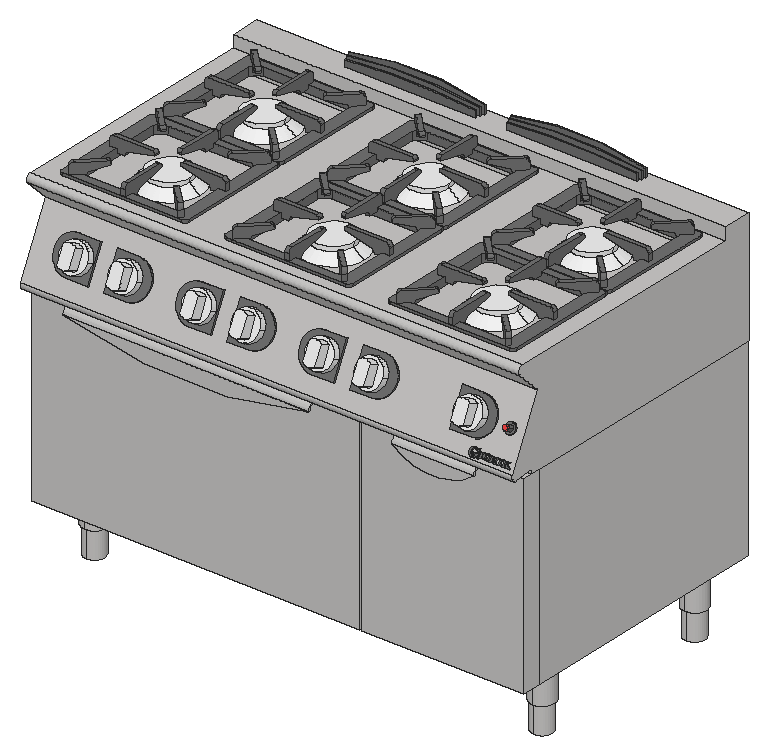
Revit family "QF_GIORIK_ECG760F", category Specialty Equipment, Revit 2014 (continued)
Lines and regions (mm)
  symbolic lines, style "200-EquipInternal-2D"
    curve 76: arc (77.771, -109.842, 900) -> (75.705, -114.736, 900) -> (75, -120, 900) r 20
    curve 77: line (195, -366, 900) -> (205, -366, 900)
    curve 78: line (205, -366, 900) -> (205, -256, 900)
    curve 79: line (205, -256, 900) -> (195, -256, 900)
    curve 80: line (195, -256, 900) -> (195, -366, 900)
    curve 81: line (276.43, -308.501, 900) -> (332.999, -365.07, 900)
    curve 82: line (332.999, -365.07, 900) -> (340.07, -357.999, 900)
    curve 83: line (340.07, -357.999, 900) -> (283.501, -301.43, 900)
    curve 84: line (283.501, -301.43, 900) -> (276.43, -308.501, 900)
    curve 85: line (325, -330, 900) -> (325, -230, 900)
    curve 86: line (325, -230, 900) -> (341, -230, 900)
    curve 87: line (341, -230, 900) -> (341, -220, 900)
    curve 88: line (341, -220, 900) -> (231, -220, 900)
    curve 89: line (231, -220, 900) -> (231, -230, 900)
    curve 90: line (231, -230, 900) -> (325, -230, 900)
    curve 91: line (67.001, -365.07, 900) -> (59.93, -357.999, 900)
    curve 92: line (123.57, -308.501, 900) -> (67.001, -365.07, 900)
    curve 93: line (59.93, -357.999, 900) -> (116.499, -301.43, 900)
    curve 94: line (116.499, -301.43, 900) -> (123.57, -308.501, 900)
    curve 95: line (169, -230, 900) -> (59, -230, 900)
    curve 96: line (59, -220, 900) -> (169, -220, 900)
    curve 97: line (169, -220, 900) -> (169, -230, 900)
    curve 98: line (59, -230, 900) -> (59, -220, 900)
    curve 99: line (205, -194, 900) -> (195, -194, 900)
    curve 100: line (195, -194, 900) -> (195, -84, 900)
    curve 101: line (205, -84, 900) -> (205, -194, 900)
    curve 102: line (195, -84, 900) -> (205, -84, 900)
    curve 103: line (276.43, -141.499, 900) -> (332.999, -84.93, 900)
    curve 104: line (340.07, -92.001, 900) -> (283.501, -148.57, 900)
    curve 105: line (283.501, -148.57, 900) -> (276.43, -141.499, 900)
    curve 106: line (332.999, -84.93, 900) -> (340.07, -92.001, 900)
    curve 107: line (116.499, -148.57, 900) -> (59.93, -92.001, 900)
    curve 108: line (123.57, -141.499, 900) -> (116.499, -148.57, 900)
    curve 109: line (67.001, -84.93, 900) -> (123.57, -141.499, 900)
    curve 110: line (59.93, -92.001, 900) -> (67.001, -84.93, 900)
    curve 111: line (95, -350, 900) -> (195, -350, 900)
    curve 112: line (75, -220, 900) -> (75, -120, 900)
    curve 113: line (305, -100, 900) -> (205, -100, 900)
    curve 114: arc (305, -100, 900) -> (310.264, -100.705, 900) -> (315.158, -102.771, 900) r 20
    curve 115: arc (95, -100, 900) -> (89.736, -100.705, 900) -> (84.842, -102.771, 900) r 20
    curve 116: arc (325, -330, 900) -> (324.295, -335.264, 900) -> (322.229, -340.157, 900) r 20
    curve 117: arc (95, -350, 900) -> (89.736, -349.295, 900) -> (84.843, -347.229, 900) r 20
    curve 118: line (568, -12, 900) -> (238, -12, 900)
    curve 119: line (238, -15, 900) -> (568, -15, 900)
    curve 120: line (565, -22, 900) -> (241, -22, 900)
    curve 121: line (241, -25, 900) -> (565, -25, 900)
    curve 122: line (562, -32, 900) -> (244, -32, 900)
    curve 123: line (244, -35, 900) -> (562, -35, 900)
    curve 124: line (638, -35, 900) -> (956, -35, 900)
    curve 125: line (638, -35, 900) -> (956, -35, 900)
    curve 126: line (956, -32, 900) -> (638, -32, 900)
    curve 127: line (635, -25, 900) -> (959, -25, 900)
    curve 128: line (959, -22, 900) -> (635, -22, 900)
    curve 129: line (632, -15, 900) -> (962, -15, 900)
    curve 130: line (962, -12, 900) -> (632, -12, 900)
    curve 131: line (238, -12, 900) -> (238, -15, 900)
    curve 132: line (241, -22, 900) -> (241, -25, 900)
    curve 133: line (244, -32, 900) -> (244, -35, 900)
    curve 134: line (568, -15, 900) -> (568, -12, 900)
    curve 135: line (565, -25, 900) -> (565, -22, 900)
    curve 136: line (632, -12, 900) -> (632, -15, 900)
    curve 137: line (635, -22, 900) -> (635, -25, 900)
    curve 138: line (638, -32, 900) -> (638, -35, 900)
    curve 139: line (962, -15, 900) -> (962, -12, 900)
    curve 140: line (959, -25, 900) -> (959, -22, 900)
    curve 141: line (956, -35, 900) -> (956, -32, 900)
    curve 146: arc (475, -410, 900) -> (475.705, -404.735, 900) -> (477.771, -399.842, 900) r 20
    curve 147: line (605, -390, 900) -> (705, -390, 900)
    curve 148: line (475, -510, 900) -> (475, -410, 900)
    curve 149: arc (705, -390, 900) -> (710.264, -390.705, 900) -> (715.158, -392.771, 900) r 20
    curve 150: line (725, -520, 900) -> (725, -620, 900)
    curve 151: arc (725, -620, 900) -> (724.295, -625.264, 900) -> (722.229, -630.157, 900) r 20
    curve 152: line (595, -640, 900) -> (495, -640, 900)
    curve 153: arc (477.771, -630.157, 900) -> (475.705, -625.264, 900) -> (475, -620, 900) r 20
    curve 154: line (745, -370, 900) -> (455, -370, 900)
    curve 155: arc (755, -380, 900) -> (752.071, -372.929, 900) -> (745, -370, 900) r 10
    curve 156: line (755, -650, 900) -> (755, -380, 900)
    curve 157: arc (745, -370, 900) -> (752.071, -367.071, 900) -> (755, -360, 900) r 10
    curve 158: line (755, -360, 900) -> (755, -90, 900)
    curve 159: arc (745, -660, 900) -> (752.071, -657.071, 900) -> (755, -650, 900) r 10
    curve 160: line (455, -660, 900) -> (745, -660, 900)
    curve 161: arc (445, -650, 900) -> (447.929, -657.071, 900) -> (455, -660, 900) r 10
    curve 162: line (445, -380, 900) -> (445, -650, 900)
    curve 163: arc (445, -360, 900) -> (447.929, -367.071, 900) -> (455, -370, 900) r 10
    curve 164: arc (455, -370, 900) -> (447.929, -372.929, 900) -> (445, -380, 900) r 10
    curve 165: line (445, -90, 900) -> (445, -360, 900)
    curve 166: line (745, -80, 900) -> (455, -80, 900)
    curve 167: arc (455, -80, 900) -> (447.929, -82.929, 900) -> (445, -90, 900) r 10
    curve 168: arc (755, -90, 900) -> (752.071, -82.929, 900) -> (745, -80, 900) r 10
    curve 169: line (595, -374, 900) -> (605, -374, 900)
    curve 170: line (605, -374, 900) -> (605, -484, 900)
    curve 171: line (605, -484, 900) -> (595, -484, 900)
    curve 172: line (595, -484, 900) -> (595, -374, 900)
    curve 173: line (676.43, -431.499, 900) -> (732.999, -374.93, 900)
    curve 174: line (732.999, -374.93, 900) -> (740.07, -382.001, 900)
    curve 175: line (740.07, -382.001, 900) -> (683.501, -438.57, 900)
    curve 176: line (683.501, -438.57, 900) -> (676.43, -431.499, 900)
    curve 177: line (725, -410, 900) -> (725, -510, 900)
    curve 178: line (725, -510, 900) -> (741, -510, 900)
    curve 179: line (741, -510, 900) -> (741, -520, 900)
    curve 180: line (741, -520, 900) -> (631, -520, 900)
    curve 181: line (631, -520, 900) -> (631, -510, 900)
    curve 182: line (631, -510, 900) -> (725, -510, 900)
    curve 183: line (467.001, -374.93, 900) -> (459.93, -382.001, 900)
    curve 184: line (523.57, -431.499, 900) -> (467.001, -374.93, 900)
    curve 185: line (459.93, -382.001, 900) -> (516.499, -438.57, 900)
    curve 186: line (516.499, -438.57, 900) -> (523.57, -431.499, 900)
    curve 187: line (569, -510, 900) -> (459, -510, 900)
    curve 188: line (459, -520, 900) -> (569, -520, 900)
    curve 189: line (569, -520, 900) -> (569, -510, 900)
    curve 190: line (459, -510, 900) -> (459, -520, 900)
    curve 191: line (605, -546, 900) -> (595, -546, 900)
    curve 192: line (595, -546, 900) -> (595, -656, 900)
    curve 193: line (605, -656, 900) -> (605, -546, 900)
    curve 194: line (595, -656, 900) -> (605, -656, 900)
    curve 195: line (676.43, -598.501, 900) -> (732.999, -655.07, 900)
    curve 196: line (740.07, -647.999, 900) -> (683.501, -591.43, 900)
    curve 197: line (683.501, -591.43, 900) -> (676.43, -598.501, 900)
    curve 198: line (732.999, -655.07, 900) -> (740.07, -647.999, 900)
    curve 199: line (516.499, -591.43, 900) -> (459.93, -647.999, 900)
    curve 200: line (523.57, -598.501, 900) -> (516.499, -591.43, 900)
    curve 201: line (467.001, -655.07, 900) -> (523.57, -598.501, 900)
    curve 202: line (459.93, -647.999, 900) -> (467.001, -655.07, 900)
    curve 203: line (495, -390, 900) -> (595, -390, 900)
    curve 204: line (475, -520, 900) -> (475, -620, 900)
    curve 205: line (705, -640, 900) -> (605, -640, 900)
    curve 206: arc (705, -640, 900) -> (710.264, -639.295, 900) -> (715.158, -637.229, 900) r 20
    curve 207: arc (495, -640, 900) -> (489.736, -639.295, 900) -> (484.842, -637.229, 900) r 20
    curve 208: arc (725, -410, 900) -> (724.295, -404.736, 900) -> (722.229, -399.842, 900) r 20
    curve 209: arc (495, -390, 900) -> (489.736, -390.705, 900) -> (484.843, -392.771, 900) r 20
    curve 210: arc (475, -330, 900) -> (475.705, -335.264, 900) -> (477.771, -340.158, 900) r 20
    curve 211: line (605, -350, 900) -> (705, -350, 900)
    curve 212: line (475, -230, 900) -> (475, -330, 900)
    curve 213: arc (705, -350, 900) -> (710.264, -349.295, 900) -> (715.158, -347.229, 900) r 20
    curve 214: line (725, -220, 900) -> (725, -120, 900)
    curve 215: arc (725, -120, 900) -> (724.295, -114.736, 900) -> (722.229, -109.842, 900) r 20
    curve 216: line (595, -100, 900) -> (495, -100, 900)
    curve 217: arc (477.771, -109.842, 900) -> (475.705, -114.736, 900) -> (475, -120, 900) r 20
    curve 218: line (595, -366, 900) -> (605, -366, 900)
    curve 219: line (605, -366, 900) -> (605, -256, 900)
    curve 220: line (605, -256, 900) -> (595, -256, 900)
    curve 221: line (595, -256, 900) -> (595, -366, 900)
    curve 222: line (676.43, -308.501, 900) -> (732.999, -365.07, 900)
    curve 223: line (732.999, -365.07, 900) -> (740.07, -357.999, 900)
    curve 224: line (740.07, -357.999, 900) -> (683.501, -301.43, 900)
    curve 225: line (683.501, -301.43, 900) -> (676.43, -308.501, 900)
    curve 226: line (725, -330, 900) -> (725, -230, 900)
    curve 227: line (725, -230, 900) -> (741, -230, 900)
    curve 228: line (741, -230, 900) -> (741, -220, 900)
    curve 229: line (741, -220, 900) -> (631, -220, 900)
    curve 230: line (631, -220, 900) -> (631, -230, 900)
    curve 231: line (631, -230, 900) -> (725, -230, 900)
    curve 232: line (467.001, -365.07, 900) -> (459.93, -357.999, 900)
    curve 233: line (523.57, -308.501, 900) -> (467.001, -365.07, 900)
    curve 234: line (459.93, -357.999, 900) -> (516.499, -301.43, 900)
    curve 235: line (516.499, -301.43, 900) -> (523.57, -308.501, 900)
    curve 236: line (569, -230, 900) -> (459, -230, 900)
    curve 237: line (459, -220, 900) -> (569, -220, 900)
    curve 238: line (569, -220, 900) -> (569, -230, 900)
    curve 239: line (459, -230, 900) -> (459, -220, 900)
    curve 240: line (605, -194, 900) -> (595, -194, 900)
    curve 241: line (595, -194, 900) -> (595, -84, 900)
    curve 242: line (605, -84, 900) -> (605, -194, 900)
    curve 243: line (595, -84, 900) -> (605, -84, 900)
    curve 244: line (676.43, -141.499, 900) -> (732.999, -84.93, 900)
    curve 245: line (740.07, -92.001, 900) -> (683.501, -148.57, 900)
    curve 246: line (683.501, -148.57, 900) -> (676.43, -141.499, 900)
    curve 247: line (732.999, -84.93, 900) -> (740.07, -92.001, 900)
    curve 248: line (516.499, -148.57, 900) -> (459.93, -92.001, 900)
    curve 249: line (523.57, -141.499, 900) -> (516.499, -148.57, 900)
    curve 250: line (467.001, -84.93, 900) -> (523.57, -141.499, 900)
    curve 251: line (459.93, -92.001, 900) -> (467.001, -84.93, 900)
    curve 252: line (495, -350, 900) -> (595, -350, 900)
    curve 253: line (475, -220, 900) -> (475, -120, 900)
    curve 254: line (705, -100, 900) -> (605, -100, 900)
    curve 255: arc (705, -100, 900) -> (710.264, -100.705, 900) -> (715.158, -102.771, 900) r 20
    curve 256: arc (495, -100, 900) -> (489.736, -100.705, 900) -> (484.842, -102.771, 900) r 20
    curve 257: arc (725, -330, 900) -> (724.295, -335.264, 900) -> (722.229, -340.157, 900) r 20
    curve 258: arc (495, -350, 900) -> (489.736, -349.295, 900) -> (484.843, -347.229, 900) r 20
    curve 259: arc (875, -410, 900) -> (875.705, -404.735, 900) -> (877.771, -399.842, 900) r 20
    curve 260: line (1005, -390, 900) -> (1105, -390, 900)
    curve 261: line (875, -510, 900) -> (875, -410, 900)
    curve 262: arc (1105, -390, 900) -> (1110.264, -390.705, 900) -> (1115.158, -392.771, 900) r 20
    curve 263: line (1125, -520, 900) -> (1125, -620, 900)
    curve 264: arc (1125, -620, 900) -> (1124.295, -625.264, 900) -> (1122.229, -630.157, 900) r 20
    curve 265: line (995, -640, 900) -> (895, -640, 900)
    curve 266: arc (877.771, -630.157, 900) -> (875.705, -625.264, 900) -> (875, -620, 900) r 20
    curve 267: line (1145, -370, 900) -> (855, -370, 900)
    curve 268: arc (1155, -380, 900) -> (1152.071, -372.929, 900) -> (1145, -370, 900) r 10
    curve 269: line (1155, -650, 900) -> (1155, -380, 900)
    curve 270: arc (1145, -370, 900) -> (1152.071, -367.071, 900) -> (1155, -360, 900) r 10
    curve 271: line (1155, -360, 900) -> (1155, -90, 900)
    curve 272: arc (1145, -660, 900) -> (1152.071, -657.071, 900) -> (1155, -650, 900) r 10
    curve 273: line (855, -660, 900) -> (1145, -660, 900)
    curve 274: arc (845, -650, 900) -> (847.929, -657.071, 900) -> (855, -660, 900) r 10
    curve 275: line (845, -380, 900) -> (845, -650, 900)
    curve 276: arc (845, -360, 900) -> (847.929, -367.071, 900) -> (855, -370, 900) r 10
    curve 277: arc (855, -370, 900) -> (847.929, -372.929, 900) -> (845, -380, 900) r 10
    curve 278: line (845, -90, 900) -> (845, -360, 900)
    curve 279: line (1145, -80, 900) -> (855, -80, 900)
    curve 280: arc (855, -80, 900) -> (847.929, -82.929, 900) -> (845, -90, 900) r 10
    curve 281: arc (1155, -90, 900) -> (1152.071, -82.929, 900) -> (1145, -80, 900) r 10
    curve 282: line (995, -374, 900) -> (1005, -374, 900)
    curve 283: line (1005, -374, 900) -> (1005, -484, 900)
    curve 284: line (1005, -484, 900) -> (995, -484, 900)
    curve 285: line (995, -484, 900) -> (995, -374, 900)
    curve 286: line (1076.43, -431.499, 900) -> (1132.999, -374.93, 900)
    curve 287: line (1132.999, -374.93, 900) -> (1140.07, -382.001, 900)
    curve 288: line (1140.07, -382.001, 900) -> (1083.501, -438.57, 900)
    curve 289: line (1083.501, -438.57, 900) -> (1076.43, -431.499, 900)
    curve 290: line (1125, -410, 900) -> (1125, -510, 900)
    curve 291: line (1125, -510, 900) -> (1141, -510, 900)
    curve 292: line (1141, -510, 900) -> (1141, -520, 900)
    curve 293: line (1141, -520, 900) -> (1031, -520, 900)
    curve 294: line (1031, -520, 900) -> (1031, -510, 900)
    curve 295: line (1031, -510, 900) -> (1125, -510, 900)
    curve 296: line (867.001, -374.93, 900) -> (859.93, -382.001, 900)
    curve 297: line (923.57, -431.499, 900) -> (867.001, -374.93, 900)
    curve 298: line (859.93, -382.001, 900) -> (916.499, -438.57, 900)
    curve 299: line (916.499, -438.57, 900) -> (923.57, -431.499, 900)
    curve 300: line (969, -510, 900) -> (859, -510, 900)
    curve 301: line (859, -520, 900) -> (969, -520, 900)
    curve 302: line (969, -520, 900) -> (969, -510, 900)
    curve 303: line (859, -510, 900) -> (859, -520, 900)
    curve 304: line (1005, -546, 900) -> (995, -546, 900)
    curve 305: line (995, -546, 900) -> (995, -656, 900)
    curve 306: line (1005, -656, 900) -> (1005, -546, 900)
    curve 307: line (995, -656, 900) -> (1005, -656, 900)
    curve 308: line (1076.43, -598.501, 900) -> (1132.999, -655.07, 900)
    curve 309: line (1140.07, -647.999, 900) -> (1083.501, -591.43, 900)
    curve 310: line (1083.501, -591.43, 900) -> (1076.43, -598.501, 900)
    curve 311: line (1132.999, -655.07, 900) -> (1140.07, -647.999, 900)
    curve 312: line (916.499, -591.43, 900) -> (859.93, -647.999, 900)
    curve 313: line (923.57, -598.501, 900) -> (916.499, -591.43, 900)
    curve 314: line (867.001, -655.07, 900) -> (923.57, -598.501, 900)
    curve 315: line (859.93, -647.999, 900) -> (867.001, -655.07, 900)
    curve 316: line (895, -390, 900) -> (995, -390, 900)
    curve 317: line (875, -520, 900) -> (875, -620, 900)
    curve 318: line (1105, -640, 900) -> (1005, -640, 900)
    curve 319: arc (1105, -640, 900) -> (1110.264, -639.295, 900) -> (1115.158, -637.229, 900) r 20
    curve 320: arc (895, -640, 900) -> (889.736, -639.295, 900) -> (884.842, -637.229, 900) r 20
    curve 321: arc (1125, -410, 900) -> (1124.295, -404.736, 900) -> (1122.229, -399.842, 900) r 20
    curve 322: arc (895, -390, 900) -> (889.736, -390.705, 900) -> (884.843, -392.771, 900) r 20
    curve 323: arc (875, -330, 900) -> (875.705, -335.264, 900) -> (877.771, -340.158, 900) r 20
    curve 324: line (1005, -350, 900) -> (1105, -350, 900)
    curve 325: line (875, -230, 900) -> (875, -330, 900)
    curve 326: arc (1105, -350, 900) -> (1110.264, -349.295, 900) -> (1115.158, -347.229, 900) r 20
    curve 327: line (1125, -220, 900) -> (1125, -120, 900)
    curve 328: arc (1125, -120, 900) -> (1124.295, -114.736, 900) -> (1122.229, -109.842, 900) r 20
    curve 329: line (995, -100, 900) -> (895, -100, 900)
    curve 330: arc (877.771, -109.842, 900) -> (875.705, -114.736, 900) -> (875, -120, 900) r 20
    curve 331: line (995, -366, 900) -> (1005, -366, 900)
    curve 332: line (1005, -366, 900) -> (1005, -256, 900)
    curve 333: line (1005, -256, 900) -> (995, -256, 900)
    curve 334: line (995, -256, 900) -> (995, -366, 900)
    curve 335: line (1076.43, -308.501, 900) -> (1132.999, -365.07, 900)
    curve 336: line (1132.999, -365.07, 900) -> (1140.07, -357.999, 900)
    curve 337: line (1140.07, -357.999, 900) -> (1083.501, -301.43, 900)
    curve 338: line (1083.501, -301.43, 900) -> (1076.43, -308.501, 900)
    curve 339: line (1125, -330, 900) -> (1125, -230, 900)
    curve 340: line (1125, -230, 900) -> (1141, -230, 900)
    curve 341: line (1141, -230, 900) -> (1141, -220, 900)
    curve 342: line (1141, -220, 900) -> (1031, -220, 900)
    curve 343: line (1031, -220, 900) -> (1031, -230, 900)
    curve 344: line (1031, -230, 900) -> (1125, -230, 900)
    curve 345: line (867.001, -365.07, 900) -> (859.93, -357.999, 900)
    curve 346: line (923.57, -308.501, 900) -> (867.001, -365.07, 900)
    curve 347: line (859.93, -357.999, 900) -> (916.499, -301.43, 900)
    curve 348: line (916.499, -301.43, 900) -> (923.57, -308.501, 900)
    curve 349: line (969, -230, 900) -> (859, -230, 900)
    curve 350: line (859, -220, 900) -> (969, -220, 900)
    curve 351: line (969, -220, 900) -> (969, -230, 900)
    curve 352: line (859, -230, 900) -> (859, -220, 900)
    curve 353: line (1005, -194, 900) -> (995, -194, 900)
    curve 354: line (995, -194, 900) -> (995, -84, 900)
    curve 355: line (1005, -84, 900) -> (1005, -194, 900)
    curve 356: line (995, -84, 900) -> (1005, -84, 900)
    curve 357: line (1076.43, -141.499, 900) -> (1132.999, -84.93, 900)
    curve 358: line (1140.07, -92.001, 900) -> (1083.501, -148.57, 900)
    curve 359: line (1083.501, -148.57, 900) -> (1076.43, -141.499, 900)
    curve 360: line (1132.999, -84.93, 900) -> (1140.07, -92.001, 900)
    curve 361: line (916.499, -148.57, 900) -> (859.93, -92.001, 900)
    curve 362: line (923.57, -141.499, 900) -> (916.499, -148.57, 900)
    curve 363: line (867.001, -84.93, 900) -> (923.57, -141.499, 900)
    curve 364: line (859.93, -92.001, 900) -> (867.001, -84.93, 900)
    curve 365: line (895, -350, 900) -> (995, -350, 900)
    curve 366: line (875, -220, 900) -> (875, -120, 900)
    curve 367: line (1105, -100, 900) -> (1005, -100, 900)
    curve 368: arc (1105, -100, 900) -> (1110.264, -100.705, 900) -> (1115.158, -102.771, 900) r 20
    curve 369: arc (895, -100, 900) -> (889.736, -100.705, 900) -> (884.842, -102.771, 900) r 20
    curve 370: arc (1125, -330, 900) -> (1124.295, -335.264, 900) -> (1122.229, -340.157, 900) r 20
    curve 371: arc (895, -350, 900) -> (889.736, -349.295, 900) -> (884.843, -347.229, 900) r 20
    curve 374: arc (995, -175.251, 900) -> (964.645, -189.645, 900) -> (950.251, -220, 900) r 50
    curve 375: arc (995, -150.451, 900) -> (947.167, -172.167, 900) -> (925.451, -220, 900) r 74.717
    curve 376: arc (1005, -175.251, 900) -> (1035.355, -189.645, 900) -> (1049.749, -220, 900) r 50
    curve 377: arc (1005, -150.167, 900) -> (1053.033, -171.967, 900) -> (1074.833, -220, 900) r 75
    curve 378: arc (1005, -274.749, 900) -> (1035.355, -260.355, 900) -> (1049.749, -230, 900) r 50
    curve 379: arc (1005, -299.833, 900) -> (1053.033, -278.033, 900) -> (1074.833, -230, 900) r 75
    curve 380: arc (995, -274.749, 900) -> (964.645, -260.355, 900) -> (950.251, -230, 900) r 50
    curve 381: arc (925.167, -230, 900) -> (946.967, -278.033, 900) -> (995, -299.833, 900) r 75
    curve 382: arc (995, -564.749, 900) -> (964.645, -550.355, 900) -> (950.251, -520, 900) r 50
    curve 383: arc (995, -589.549, 900) -> (947.167, -567.833, 900) -> (925.451, -520, 900) r 74.717
    curve 384: arc (1005, -564.749, 900) -> (1035.355, -550.355, 900) -> (1049.749, -520, 900) r 50
    curve 385: arc (1005, -589.833, 900) -> (1053.033, -568.033, 900) -> (1074.833, -520, 900) r 75
    curve 386: arc (1005, -465.251, 900) -> (1035.355, -479.645, 900) -> (1049.749, -510, 900) r 50
    curve 387: arc (1005, -440.167, 900) -> (1053.033, -461.967, 900) -> (1074.833, -510, 900) r 75
    curve 388: arc (995, -465.251, 900) -> (964.645, -479.645, 900) -> (950.251, -510, 900) r 50
    curve 389: arc (925.167, -510, 900) -> (946.967, -461.967, 900) -> (995, -440.167, 900) r 75
    curve 390: arc (195, -175.251, 900) -> (164.645, -189.645, 900) -> (150.251, -220, 900) r 50
    curve 391: arc (195, -150.451, 900) -> (147.167, -172.167, 900) -> (125.451, -220, 900) r 74.717
    curve 392: arc (205, -175.251, 900) -> (235.355, -189.645, 900) -> (249.749, -220, 900) r 50
    curve 393: arc (205, -150.167, 900) -> (253.033, -171.967, 900) -> (274.833, -220, 900) r 75
    curve 394: arc (205, -274.749, 900) -> (235.355, -260.355, 900) -> (249.749, -230, 900) r 50
    curve 395: arc (205, -299.833, 900) -> (253.033, -278.033, 900) -> (274.833, -230, 900) r 75
    curve 396: arc (195, -274.749, 900) -> (164.645, -260.355, 900) -> (150.251, -230, 900) r 50
    curve 397: arc (125.167, -230, 900) -> (146.967, -278.033, 900) -> (195, -299.833, 900) r 75
    curve 398: arc (595, -564.749, 900) -> (564.645, -550.355, 900) -> (550.251, -520, 900) r 50
    curve 399: arc (595, -589.549, 900) -> (547.167, -567.833, 900) -> (525.451, -520, 900) r 74.717
    curve 400: arc (605, -564.749, 900) -> (635.355, -550.355, 900) -> (649.749, -520, 900) r 50
    curve 401: arc (605, -589.833, 900) -> (653.033, -568.033, 900) -> (674.833, -520, 900) r 75
    curve 402: arc (605, -465.251, 900) -> (635.355, -479.645, 900) -> (649.749, -510, 900) r 50
    curve 403: arc (605, -440.167, 900) -> (653.033, -461.967, 900) -> (674.833, -510, 900) r 75
    curve 404: arc (595, -465.251, 900) -> (564.645, -479.645, 900) -> (550.251, -510, 900) r 50
    curve 405: arc (525.167, -510, 900) -> (546.967, -461.967, 900) -> (595, -440.167, 900) r 75
    curve 406: arc (595, -175.251, 900) -> (564.645, -189.645, 900) -> (550.251, -220, 900) r 50
    curve 407: arc (595, -150.451, 900) -> (547.167, -172.167, 900) -> (525.451, -220, 900) r 74.717
    curve 408: arc (605, -175.251, 900) -> (635.355, -189.645, 900) -> (649.749, -220, 900) r 50
    curve 409: arc (605, -150.167, 900) -> (653.033, -171.967, 900) -> (674.833, -220, 900) r 75
    curve 410: arc (605, -274.749, 900) -> (635.355, -260.355, 900) -> (649.749, -230, 900) r 50
    curve 411: arc (605, -299.833, 900) -> (653.033, -278.033, 900) -> (674.833, -230, 900) r 75
    curve 412: arc (595, -274.749, 900) -> (564.645, -260.355, 900) -> (550.251, -230, 900) r 50
    curve 413: arc (525.167, -230, 900) -> (546.967, -278.033, 900) -> (595, -299.833, 900) r 75
    curve 414: arc (195, -564.749, 900) -> (164.645, -550.355, 900) -> (150.251, -520, 900) r 50
    curve 415: arc (195, -589.549, 900) -> (147.167, -567.833, 900) -> (125.451, -520, 900) r 74.717
    curve 416: arc (205, -564.749, 900) -> (235.355, -550.355, 900) -> (249.749, -520, 900) r 50
    curve 417: arc (205, -589.833, 900) -> (253.033, -568.033, 900) -> (274.833, -520, 900) r 75
    curve 418: arc (205, -465.251, 900) -> (235.355, -479.645, 900) -> (249.749, -510, 900) r 50
    curve 419: arc (205, -440.167, 900) -> (253.033, -461.967, 900) -> (274.833, -510, 900) r 75
    curve 420: arc (195, -465.251, 900) -> (164.645, -479.645, 900) -> (150.251, -510, 900) r 50
    curve 421: arc (125.167, -510, 900) -> (146.967, -461.967, 900) -> (195, -440.167, 900) r 75
  symbolic lines, style "QF_Door-Drawer Clearances", visible <- "Show Clearance", detail levels coarse
    curve 143: line (0, -720, 0) -> (0, -1155, 0)
    curve 144: line (0, -1155, 900) -> (800, -1155, 900)
    curve 145: line (800, -1155, 900) -> (800, -720, 900)
    curve 372: arc (1200, -1080, 0) -> (933.354, -976.419, 0) -> (806.554, -720, 0) r 395
    curve 373: line (1200, -720, 0) -> (1200, -1080, 0)
Dimensions and locks
  plane 3 "Left" to plane 4 "Right" = 1200 mm
  plane 5 "Front" to plane 1 "Back" = 720 mm
  plane 4 "Right" to plane 3 "Left" = 1200 mm
  plane 1 "Back" to plane 5 "Front" = 720 mm
  plane 6 "Top" to level = 900 mm  (x2)
  aligned and locked: level to plane 2
Connectors
  piping at (50, -385, 130), diameter 25.4, driven by "Gas Size"
    settings: on Extrusion 9, index 3, connector inside diameter 24", connector length 0 mm, flow factor 0, pipe flow 0.0 L/s, pressure drop 0.0 Pa, fitting loss kfactor 0, connector angle 0.00°, fixture units 0, engagement length 0 mm, angle of deflection 0.00°, flow configuration 1, flow direction 1, fitting loss method 0, system type 22, joint type 0, gender type 0, connector reference index -1, connector utility 0, adjustable connector no, is connector primary yes, connector description "Gas Inlet"
